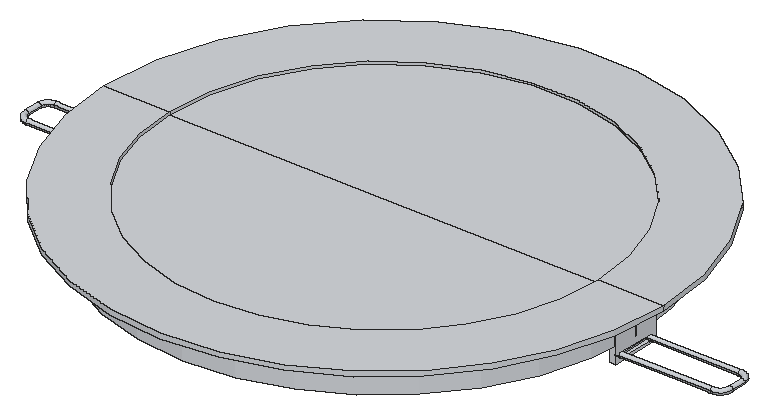
Revit family "0053955", category Lighting Fixtures, host Face, Revit 2017
Family settings
  Host = Face
  Round Connector Dimension = Use Diameter
  Part Type = Normal
  OmniClass Number = 23.80.70.00
  OmniClass Title = Lighting
  Cut with Voids When Loaded = No
  Light Source = Yes
  Shared = No
  Room Calculation Point = No
Parameters (values of type "0053955 SYLFLAT 205 IP44 1750LM 840 DIM")
  Weight = "4.57 kg"
  Wattage Comments = ""
  Wattage = 17 W
  WarrantyStartDate [instance] = "n/a"
  WarrantyGuarantorParts = "n/a"
  WarrantyDurationUnit = "n/a"
  WarrantyDurationParts = "n/a"
  WarrantyDescription = "n/a"
  built-in parameter 1150110 = 1 (stored number, unit not read)
  Voltage = 0 V
  URL = "http://www.sylvania-lighting.com"
  TypeName = "Sylflat 205 IP44 1750lm 840 DIM"
  Type Image = <None>
  Type Comments = "n/a"
  built-in parameter 1114217 = 1 (stored number, unit not read)
  Tilt Angle = -90.00°
  built-in parameter 1150109 = 1 (stored number, unit not read)
  built-in parameter 1150134 = 12
  built-in parameter 1150113 = 1 (stored number, unit not read)
  SerialNumber [instance] = "n/a"
  SIZE_203_SYL = 1
  SIZE_155_SYL = 0
  R_DIFF_SYL = if(SIZE_155_SYL = 1, 63.5 mm, if(SIZE_203_SYL = 1, 86.5 mm, 40 mm))  # 86.5 mm
  R2_SYL = if(SIZE_155_SYL = 1, 77.5 mm, if(SIZE_203_SYL = 1, 101.5 mm, 52.5 mm))  # 101.5 mm
  R1_SYL = if(SIZE_155_SYL = 1, 86 mm, if(SIZE_203_SYL = 1, 113 mm, 60 mm))  # 113 mm
  Photometric Web File = "0053955.ies"
  LUM_HEIGHT_SYL = 15 mm - CHAMF_SYL  # 14 mm
  CLIP_SYL = 10 mm
  CLIP_HOLE_SYL = 2.5 mm
  CLIP_HOLE_HE_SYL = 8.5 mm
  CLIP_D_SYL = R2_SYL - 2.5 mm  # 99 mm
  CLIP_DIST_SYL = R2_SYL - 2.5 mm  # 99 mm
  CLIP_CUTOUT_SYL = 19 mm
  CHAMF_SYL = 1 mm
  Material_3_SYL = none
  PowerFactor = 0.9
  PowerConsumption = "17 W"
  NominalLength = 226 mm
  NominalHeight = 21 mm
  NominalDepth = 226 mm
  Name = "Sylflat 205 IP44 1750lm 840 DIM"
  ModelReference = Name  # "Sylflat 205 IP44 1750lm 840 DIM"
  ModelNumber = "0053955"
  Model = Name  # "Sylflat 205 IP44 1750lm 840 DIM"
  Material = "aluminium housing, other diffuser"
  ManufacturerName = "Feilo Sylvania"
  Manufacturer = "Feilo Sylvania"
  LuminousEfficacy = "103 lm/W"
  built-in parameter 1150105 = 139.34 (stored number, unit not read)
  Lumens = 1751 lm
  LuminaireType = ""
  built-in parameter 1150115 = 1 (stored number, unit not read)
  LightOutputRatio = "n/a"
  built-in parameter 1150137 = (empty or 0)
  built-in parameter 1150139 = (empty or 0)
  LampsType = Lamp  # "LED"
  LampNominalLuminous = "1750 lm"
  LampMacAdamStep = "3"
  LampColourTemperature = "4000 K"
  LampColourRenderingIndex = "80"
  built-in parameter 1150112 = 1 (stored number, unit not read)
  built-in parameter 1150114 = 1 (stored number, unit not read)
  Lamp = "LED"
  Keynote = "16500"
  InstallationDate [instance] = "n/a"
  InputVoltage = "n/a"
  InputNominalFrequency = "n/a"
  built-in parameter 1150132 = (empty or 0)
  built-in parameter 1150102 = (empty or 0)
  built-in parameter 1150107 = 4000 (stored number, unit not read)
  built-in parameter 1150138 = (empty or 0)
  IngressProtection = "IP44/20"
  ImpactProtectionIndex = "IK06"
  built-in parameter 1150106 = 1.3934 (stored number, unit not read)
  IfcExportType = "IfcLightFixtureType"
  IfcExportAs = "IfcLightFixtureType"
  Emit from Circle Diameter = 609.6 mm
  Emit Shape Visible in Rendering = no
  ElectricShockClassification = "Class II"
  built-in parameter 1150104 = 9.569 (stored number, unit not read)
  DocumentationLiterature = "http://www.sylvania-lighting.com/product/en-int/products/0053955"
  DimmingControlOptions = "n/a"
  Material_2_SYL = none
  Dimming Lamp Color Temperature Shift = <None>
  Description = "Sylflat DIM is an integrated LED recessed downlight with separated phase dimmable driver; 17W; 1750Lm; 103Lm/W; 4000K; IP44 rated from the front; 50,000hrs (L70B50)."
  Default Elevation = 1219.2 mm
  CreatedOn = "8/6/2020"
  CreatedBy = "@sylvania-lighting.com"
  Cost = 0
  Color Filter = 16777215
  built-in parameter 1114216 [instance] = (empty or 0)
  ClassificationValue = "EF_70_80"
  ClassificationName = "Uniclass2015"
  Material_1_SYL = none
  CHAMF_2_SYL = 1 mm
  BarCode [instance] = "n/a"
  built-in parameter 1114218 = 1 (stored number, unit not read)
  built-in parameter 1150133 = 10 (stored number, unit not read)
  AssetType = "Fixed"
  AssetIdentifier [instance] = "n/a"
  Assembly Code = "D5020200"
  Apparent Load = 17 VA
  Material_4_SYL = none
Types (17, lengths in mm): name | Weight | Wattage | TypeName | built-in parameter 1150134 | SIZE_203_SYL | SIZE_155_SYL | R_DIFF_SYL | R2_SYL | R1_SYL | Photometric Web File | CLIP_D_SYL | CLIP_DIST_SYL | PowerFactor | PowerConsumption | NominalLength | NominalHeight | NominalDepth | Name | ModelReference | ModelNumber | Model | Material | LuminousEfficacy | built-in parameter 1150105 | Lumens | LampNominalLuminous | LampMacAdamStep | LampColourTemperature | built-in parameter 1150107 | built-in parameter 1150106 | built-in parameter 1150104 | DocumentationLiterature | Description | Apparent Load
  0053988 SYLFLAT 105 IP44 550LM 830 DIM | "3.555 kg" | 7 W | "Sylflat 105 IP44 550lm 830 DIM" | (empty or 0) | 0 | 1 | 63.5 | 77.5 | 86 | "0053988.ies" | 75 | 75 | 0 | "7 W" | 0 | 0 | 0 | "Sylflat 105 IP44 550lm 830 DIM" | "Sylflat 105 IP44 550lm 830 DIM" | "53988" | "Sylflat 105 IP44 550lm 830 DIM" | "n/a" | "78.57 lm/W" | 43.768 (stored number, unit not read) | 550 lm | "550 lm" | "3" | "3000 K" | 3000 (stored number, unit not read) | 0.43768 (stored number, unit not read) | 7.2995 (stored number, unit not read) | "http://www.sylvania-lighting.com/product/en-int/products/0053988" | "Sylflat DIM is an integrated LED recessed downlight with separated phase dimmable driver; 7W; 550Lm; 79Lm/W; 3000K; IP44 rated from the front; 50,000hrs (L70B50)." | 7 VA
  0053957 SYLFLAT 205 IP44 2250LM 840 DIM | "4.57 kg" | 24 W | "Sylflat 205 IP44 2250lm 840 DIM" | 12 | 1 | 0 | 86.5 | 101.5 | 113 | "0053957.ies" | 99 | 99 | 0.9 | "24 W" | 226 | 21 | 226 | "Sylflat 205 IP44 2250lm 840 DIM" | "Sylflat 205 IP44 2250lm 840 DIM" | "53957" | "Sylflat 205 IP44 2250lm 840 DIM" | "n/a" | "103 lm/W" | 196.72 (stored number, unit not read) | 2472 lm | "2250 lm" | "3" | "4000 K" | 4000 (stored number, unit not read) | 1.9672 (stored number, unit not read) | 9.569 (stored number, unit not read) | "http://www.sylvania-lighting.com/product/en-int/products/0053957" | "Sylflat DIM is an integrated LED recessed downlight with separated phase dimmable driver; 24W; 2250Lm; 103Lm/W; 4000K; IP44 rated from the front; 50,000hrs (L70B50)." | 24 VA
  0053956 SYLFLAT 205 IP44 2200LM 830 DIM | "4.57 kg" | 24 W | "Sylflat 205 IP44 2200lm 830 DIM" | (empty or 0) | 1 | 0 | 86.5 | 101.5 | 113 | "0053956.ies" | 99 | 99 | 0.9 | "24 W" | 226 | 21 | 226 | "Sylflat 205 IP44 2200lm 830 DIM" | "Sylflat 205 IP44 2200lm 830 DIM" | "53956" | "Sylflat 205 IP44 2200lm 830 DIM" | "n/a" | "100 lm/W" | 190.99 (stored number, unit not read) | 2400 lm | "2200 lm" | "3" | "3000 K" | 3000 (stored number, unit not read) | 1.9099 (stored number, unit not read) | 9.2903 (stored number, unit not read) | "http://www.sylvania-lighting.com/product/en-int/products/0053956" | "Sylflat DIM is an integrated LED recessed downlight with separated phase dimmable driver; 24W; 2200Lm; 100Lm/W; 3000K; IP44 rated from the front; 50,000hrs (L70B50)." | 24 VA
  0053955 SYLFLAT 205 IP44 1750LM 840 DIM | "4.57 kg" | 17 W | "Sylflat 205 IP44 1750lm 840 DIM" | 12 | 1 | 0 | 86.5 | 101.5 | 113 | "0053955.ies" | 99 | 99 | 0.9 | "17 W" | 226 | 21 | 226 | "Sylflat 205 IP44 1750lm 840 DIM" | "Sylflat 205 IP44 1750lm 840 DIM" | "0053955" | "Sylflat 205 IP44 1750lm 840 DIM" | "aluminium housing, other diffuser" | "103 lm/W" | 139.34 (stored number, unit not read) | 1751 lm | "1750 lm" | "3" | "4000 K" | 4000 (stored number, unit not read) | 1.3934 (stored number, unit not read) | 9.569 (stored number, unit not read) | "http://www.sylvania-lighting.com/product/en-int/products/0053955" | "Sylflat DIM is an integrated LED recessed downlight with separated phase dimmable driver; 17W; 1750Lm; 103Lm/W; 4000K; IP44 rated from the front; 50,000hrs (L70B50)." | 17 VA
  0053954 SYLFLAT 205 IP44 1550LM 830 DIM | "4.57 kg" | 17 W | "Sylflat 205 IP44 1550lm 830 DIM" | (empty or 0) | 1 | 0 | 86.5 | 101.5 | 113 | "0053954.ies" | 99 | 99 | 0.9 | "17 W" | 226 | 21 | 226 | "Sylflat 205 IP44 1550lm 830 DIM" | "Sylflat 205 IP44 1550lm 830 DIM" | "53954" | "Sylflat 205 IP44 1550lm 830 DIM" | "aluminium housing, other diffuser" | "91 lm/W" | 123.11 (stored number, unit not read) | 1547 lm | "1550 lm" | "3" | "3000 K" | 3000 (stored number, unit not read) | 1.2311 (stored number, unit not read) | 8.4542 (stored number, unit not read) | "http://www.sylvania-lighting.com/product/en-int/products/0053954" | "Sylflat DIM is an integrated LED recessed downlight with separated phase dimmable driver; 17W; 1550Lm; 91Lm/W; 3000K; IP44 rated from the front; 50,000hrs (L70B50)." | 17 VA
  0053953 SYLFLAT 155 IP44 1100LM 840 DIM | "3.27 kg" | 12 W | "Sylflat 155 IP44 1100lm 840 DIM" | 12 | 0 | 1 | 63.5 | 77.5 | 86 | "0053953.ies" | 75 | 75 | 0.9 | "12 W" | 172 | 21 | 172 | "Sylflat 155 IP44 1100lm 840 DIM" | "Sylflat 155 IP44 1100lm 840 DIM" | "53953" | "Sylflat 155 IP44 1100lm 840 DIM" | "aluminium housing, other diffuser" | "92 lm/W" | 87.854 (stored number, unit not read) | 1104 lm | "1100 lm" | "3" | "4000 K" | 4000 (stored number, unit not read) | 0.87854 (stored number, unit not read) | 8.5471 (stored number, unit not read) | "http://www.sylvania-lighting.com/product/en-int/products/0053953" | "Sylflat DIM is an integrated LED recessed downlight with separated phase dimmable driver; 12W; 1100Lm; 92Lm/W; 4000K; IP44 rated from the front; 50,000hrs (L70B50)." | 12 VA
  0053952 SYLFLAT 155 IP44 1000LM 830 DIM | "3.27 kg" | 12 W | "Sylflat 155 IP44 1000lm 830 DIM" | (empty or 0) | 0 | 1 | 63.5 | 77.5 | 86 | "0053952.ies" | 75 | 75 | 0.9 | "12 W" | 172 | 21 | 172 | "Sylflat 155 IP44 1000lm 830 DIM" | "Sylflat 155 IP44 1000lm 830 DIM" | "53952" | "Sylflat 155 IP44 1000lm 830 DIM" | "aluminium housing, other diffuser" | "83 lm/W" | 79.259 (stored number, unit not read) | 996 lm | "1000 lm" | "3" | "3000 K" | 3000 (stored number, unit not read) | 0.79259 (stored number, unit not read) | 7.711 (stored number, unit not read) | "http://www.sylvania-lighting.com/product/en-int/products/0053952" | "Sylflat DIM is an integrated LED recessed downlight with separated phase dimmable driver; 12W; 1000Lm; 83Lm/W; 3000K; IP44 rated from the front; 50,000hrs (L70B50)." | 12 VA
  0053951 ST E DOWNLIGHT FLT 205 IP44 2200 865 DIM | "4.57 kg" | 24 W | "START eco Downlight Flat 205 IP44 2200lm 865 DIM" | 1 | 1 | 0 | 86.5 | 101.5 | 113 | "0053951.ies" | 99 | 99 | 0.9 | "24 W" | 226 | 21 | 226 | "START eco Downlight Flat 205 IP44 2200lm 865 DIM" | "START eco Downlight Flat 205 IP44 2200lm 865 DIM" | "53951" | "START eco Downlight Flat 205 IP44 2200lm 865 DIM" | "n/a" | "92 lm/W" | 175.71 (stored number, unit not read) | 2208 lm | "2200 lm" | "5" | "6500 K" | 6500 (stored number, unit not read) | 1.7571 (stored number, unit not read) | 8.5471 (stored number, unit not read) | "http://www.sylvania-lighting.com/product/en-int/products/0053951" | "START eco Downlight Flat IP44 DIM is an integrated LED recessed downlight with separated phase dimmable driver; 24W; 2200Lm; 92Lm/W; 6500K; IP44 rated from the front; 30,000hrs (L70B50)." | 24 VA
  0053950 ST E DOWNLIGHT FLT 205 IP44 1700 865 DIM | "4.57 kg" | 17 W | "START eco Downlight Flat 205 IP44 1700lm 865 DIM" | 1 | 1 | 0 | 86.5 | 101.5 | 113 | "0053950.ies" | 99 | 99 | 0.9 | "17 W" | 226 | 21 | 226 | "START eco Downlight Flat 205 IP44 1700lm 865 DIM" | "START eco Downlight Flat 205 IP44 1700lm 865 DIM" | "53950" | "START eco Downlight Flat 205 IP44 1700lm 865 DIM" | "aluminium housing, other diffuser" | "100 lm/W" | 135.28 (stored number, unit not read) | 1700 lm | "1700 lm" | "5" | "6500 K" | 6500 (stored number, unit not read) | 1.3528 (stored number, unit not read) | 9.2903 (stored number, unit not read) | "http://www.sylvania-lighting.com/product/en-int/products/0053950" | "START eco Downlight Flat IP44 DIM is an integrated LED recessed downlight with separated phase dimmable driver; 17W; 1700Lm; 100Lm/W; 6500K; IP44 rated from the front; 30,000hrs (L70B50)." | 17 VA
  0053949 ST E DOWNLIGHT FLT 155 IP44 1100 865 DIM | "3.27 kg" | 12 W | "START eco Downlight Flat 155 IP44 1100lm 865 DIM" | 1 | 0 | 1 | 63.5 | 77.5 | 86 | "0053949.ies" | 75 | 75 | 0.9 | "12 W" | 172 | 21 | 172 | "START eco Downlight Flat 155 IP44 1100lm 865 DIM" | "START eco Downlight Flat 155 IP44 1100lm 865 DIM" | "53949" | "START eco Downlight Flat 155 IP44 1100lm 865 DIM" | "aluminium housing, other diffuser" | "92 lm/W" | 87.854 (stored number, unit not read) | 1104 lm | "1100 lm" | "5" | "6500 K" | 6500 (stored number, unit not read) | 0.87854 (stored number, unit not read) | 8.5471 (stored number, unit not read) | "http://www.sylvania-lighting.com/product/en-int/products/0053949" | "START eco Downlight Flat IP44 DIM is an integrated LED recessed downlight with separated phase dimmable driver; 12W; 1100Lm; 92Lm/W; 6500K; IP44 rated from the front; 30,000hrs (L70B50)." | 12 VA
  0053944 ST E DOWNLIGHT FLT 205 IP44 2250 840 DIM | "4.57 kg" | 24 W | "START eco Downlight Flat 205 IP44 2250lm 840 DIM" | 12 | 1 | 0 | 86.5 | 101.5 | 113 | "0053944.ies" | 99 | 99 | 0.9 | "24 W" | 226 | 21 | 226 | "START eco Downlight Flat 205 IP44 2250lm 840 DIM" | "START eco Downlight Flat 205 IP44 2250lm 840 DIM" | "53944" | "START eco Downlight Flat 205 IP44 2250lm 840 DIM" | "n/a" | "94 lm/W" | 179.53 (stored number, unit not read) | 2256 lm | "2250 lm" | "5" | "4000 K" | 4000 (stored number, unit not read) | 1.7953 (stored number, unit not read) | 8.7329 (stored number, unit not read) | "http://www.sylvania-lighting.com/product/en-int/products/0053944" | "START eco Downlight Flat IP44 DIM is an integrated LED recessed downlight with separated phase dimmable driver; 24W; 2250Lm; 94Lm/W; 4000K; IP44 rated from the front; 30,000hrs (L70B50)." | 24 VA
  0053942 ST E DOWNLIGHT FLT 205 IP44 1750 840 DIM | "4.57 kg" | 17 W | "START eco Downlight Flat 205 IP44 1750lm 840 DIM" | 12 | 1 | 0 | 86.5 | 101.5 | 113 | "0053942.ies" | 99 | 99 | 0.9 | "17 W" | 226 | 21 | 226 | "START eco Downlight Flat 205 IP44 1750lm 840 DIM" | "START eco Downlight Flat 205 IP44 1750lm 840 DIM" | "53942" | "START eco Downlight Flat 205 IP44 1750lm 840 DIM" | "aluminium housing, other diffuser" | "103 lm/W" | 139.34 (stored number, unit not read) | 1751 lm | "1750 lm" | "5" | "4000 K" | 4000 (stored number, unit not read) | 1.3934 (stored number, unit not read) | 9.569 (stored number, unit not read) | "http://www.sylvania-lighting.com/product/en-int/products/0053942" | "START eco Downlight Flat IP44 DIM is an integrated LED recessed downlight with separated phase dimmable driver; 17W; 1750Lm; 103Lm/W; 4000K; IP44 rated from the front; 30,000hrs (L70B50)." | 17 VA
  0053941 ST E DOWNLIGHT FLT 155 IP44 1100 840 DIM | "3.27 kg" | 12 W | "START eco Downlight Flat 155 IP44 1100lm 840 DIM" | 12 | 0 | 1 | 63.5 | 77.5 | 86 | "0053941.ies" | 75 | 75 | 0.9 | "12 W" | 172 | 21 | 172 | "START eco Downlight Flat 155 IP44 1100lm 840 DIM" | "START eco Downlight Flat 155 IP44 1100lm 840 DIM" | "53941" | "START eco Downlight Flat 155 IP44 1100lm 840 DIM" | "aluminium housing, other diffuser" | "92 lm/W" | 87.854 (stored number, unit not read) | 1104 lm | "1100 lm" | "5" | "4000 K" | 4000 (stored number, unit not read) | 0.87854 (stored number, unit not read) | 8.5471 (stored number, unit not read) | "http://www.sylvania-lighting.com/product/en-int/products/0053941" | "START eco Downlight Flat IP44 DIM is an integrated LED recessed downlight with separated phase dimmable driver; 12W; 1100Lm; 92Lm/W; 4000K; IP44 rated from the front; 30,000hrs (L70B50)." | 12 VA
  0053940 ST E DOWNLIGHT FLT 205 IP44 2200 830 DIM | "4.57 kg" | 24 W | "START eco Downlight Flat 205 IP44 2200lm 830 DIM" | (empty or 0) | 1 | 0 | 86.5 | 101.5 | 113 | "0053940.ies" | 99 | 99 | 0.9 | "24 W" | 226 | 21 | 226 | "START eco Downlight Flat 205 IP44 2200lm 830 DIM" | "START eco Downlight Flat 205 IP44 2200lm 830 DIM" | "53940" | "START eco Downlight Flat 205 IP44 2200lm 830 DIM" | "n/a" | "92 lm/W" | 175.71 (stored number, unit not read) | 2208 lm | "2200 lm" | "5" | "3000 K" | 3000 (stored number, unit not read) | 1.7571 (stored number, unit not read) | 8.5471 (stored number, unit not read) | "http://www.sylvania-lighting.com/product/en-int/products/0053940" | "START eco Downlight Flat IP44 DIM is an integrated LED recessed downlight with separated phase dimmable driver; 24W; 2200Lm; 92Lm/W; 3000K; IP44 rated from the front; 30,000hrs (L70B50)." | 24 VA
  0053938 ST E DOWNLIGHT FLT 205 IP44 1550 830 DIM | "4.57 kg" | 17 W | "START eco Downlight Flat 205 IP44 1550lm 830 DIM" | (empty or 0) | 1 | 0 | 86.5 | 101.5 | 113 | "0053938.ies" | 99 | 99 | 0.9 | "17 W" | 226 | 21 | 226 | "START eco Downlight Flat 205 IP44 1550lm 830 DIM" | "START eco Downlight Flat 205 IP44 1550lm 830 DIM" | "53938" | "START eco Downlight Flat 205 IP44 1550lm 830 DIM" | "aluminium housing, other diffuser" | "91 lm/W" | 123.11 (stored number, unit not read) | 1547 lm | "1550 lm" | "5" | "3000 K" | 3000 (stored number, unit not read) | 1.2311 (stored number, unit not read) | 8.4542 (stored number, unit not read) | "http://www.sylvania-lighting.com/product/en-int/products/0053938" | "START eco Downlight Flat IP44 DIM is an integrated LED recessed downlight with separated phase dimmable driver; 17W; 1550Lm; 91Lm/W; 3000K; IP44 rated from the front; 30,000hrs (L70B50)." | 17 VA
  0053937 ST E DOWNLIGHT FLT 155 IP44 1000 830 DIM | "3.27 kg" | 12 W | "START eco Downlight Flat 155 IP44 1000lm 830 DIM" | (empty or 0) | 0 | 1 | 63.5 | 77.5 | 86 | "0053937.ies" | 75 | 75 | 0.9 | "12 W" | 172 | 21 | 172 | "START eco Downlight Flat 155 IP44 1000lm 830 DIM" | "START eco Downlight Flat 155 IP44 1000lm 830 DIM" | "53937" | "START eco Downlight Flat 155 IP44 1000lm 830 DIM" | "aluminium housing, other diffuser" | "83 lm/W" | 79.259 (stored number, unit not read) | 996 lm | "1000 lm" | "5" | "3000 K" | 3000 (stored number, unit not read) | 0.79259 (stored number, unit not read) | 7.711 (stored number, unit not read) | "http://www.sylvania-lighting.com/product/en-int/products/0053937" | "START eco Downlight Flat IP44 DIM is an integrated LED recessed downlight with separated phase dimmable driver; 12W; 1000Lm; 83Lm/W; 3000K; IP44 rated from the front; 30,000hrs (L70B50)." | 12 VA
  0053989 SYLFLAT 105 IP44 600LM 840 DIM | "3.555 kg" | 7 W | "Sylflat 105 IP44 600lm 840 DIM" | 12 | 0 | 1 | 63.5 | 77.5 | 86 | "0053989.ies" | 75 | 75 | 0 | "7 W" | 0 | 0 | 0 | "Sylflat 105 IP44 600lm 840 DIM" | "Sylflat 105 IP44 600lm 840 DIM" | "53989" | "Sylflat 105 IP44 600lm 840 DIM" | "n/a" | "85.71 lm/W" | 47.746 (stored number, unit not read) | 600 lm | "600 lm" | "3" | "4000 K" | 4000 (stored number, unit not read) | 0.47746 (stored number, unit not read) | 7.9631 (stored number, unit not read) | "http://www.sylvania-lighting.com/product/en-int/products/0053989" | "Sylflat DIM is an integrated LED recessed downlight with separated phase dimmable driver; 7W; 600Lm; 86Lm/W; 4000K; IP44 rated from the front; 50,000hrs (L70B50)." | 7 VA
Reference planes
  plane 1 "Center (Front/Back)": y = 0
  plane 2: z = 0
  plane 3 "Center (Left/Right)": x = 0
  plane 4: z = 1
  plane 5: z = -1
  plane 6: z = -14
  plane 7: x = 113
  plane 8: x = 86.5
  plane 9: x = 101.5
  plane 10: x = 0
  plane 11: x = -96
  plane 12: x = -101.5
  plane 13: y = 10
  plane 14: y = -10
  plane 15: x = 99
  plane 16: z = -19
  plane 17: z = -16.5
  plane 18: y = -8.5
  plane 19: y = 8.5
  plane 20: x = -99
Forms (mm)
  Revolve 1, solid
    sketch origin (0, 0, 0) x (1, 0, 0) y (0, 0, 1)
      loop
        line (0, 0) -> (0, -14) -> (101.5, -14) -> (101.5, -1) -> (113, -1) -> (113, 1) -> (86.5, 1) -> (86.5, 0) -> (0, 0)
      axis (0, 1) -> (0, -14)
    angle from 360 to 0
  Extrusion 2, solid
    sketch origin (0, 0, 0) x (1, 0, 0) y (0, 1, 0)
      loop
        line (99, 10) -> (99, -10) -> (101.5, -10) -> (101.5, 10) -> (99, 10)
      loop
        line (-99, 10) -> (-101.5, 10) -> (-101.5, -10) -> (-99, -10) -> (-99, 10)
    from -20 to -1
  Extrusion 3, void
    sketch origin (319, 1524, 1219.2) x (0, 1, 0) y (0, 0, 1)
      loop
        line (-1515.5, -1238.2) -> (-1515.5, -1235.7) -> (-1532.5, -1235.7) -> (-1532.5, -1238.2) -> (-1515.5, -1238.2)
    from -440.059 to 10
  Sweep 4, solid
    path origin (-31.995, -2.046, -2.165) x (1, 0, 0) y (0, 1, 0)
      loop
        arc (-106, 9.306) -> (-108.828, 8.135) -> (-110, 5.306) r 4
        line (-110, 5.306) -> (-110, -0.922)
        arc (-110, -0.922) -> (-108.828, -3.75) -> (-106, -4.922) r 4
        line (-106, -4.922) -> (-68, -4.922) -> (-68, 9.306) -> (-106, 9.306)
    profile origin (-118.995, 7.26, -2.165) x (0, 1, 0) y (0, 0, 1)
      loop
        circle (0, -15.572) r 0.967
  Sweep 5, solid
    path origin (31.995, -2.046, -2.165) x (-1, 0, 0) y (0, -1, 0)
      loop
        line (-106, -9.306) -> (-68, -9.306) -> (-68, 4.922) -> (-106, 4.922)
        arc (-106, 4.922) -> (-108.828, 3.75) -> (-110, 0.922) r 4
        line (-110, 0.922) -> (-110, -5.306)
        arc (-110, -5.306) -> (-108.828, -8.135) -> (-106, -9.306) r 4
    profile origin (118.995, 7.26, -2.165) x (0, -1, 0) y (0, 0, 1)
      loop
        circle (0, -15.572) r 0.967
Cuts and joins
  Extrusion 3 cuts Extrusion 2
Dimensions and locks
  "LUM_HEIGHT_SYL": host face to plane 6
  "CHAMF_2_SYL": host face to plane 5
  "CHAMF_SYL": plane 4 to host face
  "R_DIFF_SYL": plane 8 to plane 3 "Center (Left/Right)"
  "R2_SYL": plane 3 "Center (Left/Right)" to plane 9
  "R1_SYL": plane 7 to plane 3 "Center (Left/Right)"
  "CLIP_SYL": plane 14 to plane 1 "Center (Front/Back)" to plane 13
  "CLIP_D_SYL": plane 10 to plane 15
  "R2_SYL": plane 10 to plane 9
  "CLIP_CUTOUT_SYL": host face to plane 16
  "CLIP_HOLE_SYL": plane 17 to plane 16
  "CLIP_HOLE_HE_SYL": plane 19 to plane 1 "Center (Front/Back)" to plane 18
  "R2_SYL": plane 12 to plane 10
  "CLIP_D_SYL": plane 20 to plane 3 "Center (Left/Right)"
  aligned and locked: plane 2 to host face
  aligned and locked: level to host face
  aligned and locked: Revolve 1 sketch curve to plane 3 "Center (Left/Right)"
  aligned and locked: plane 13 to Extrusion 2 sketch curve
  aligned and locked: Extrusion 2 sketch curve to plane 15
  aligned and locked: Extrusion 2 sketch curve to plane 14
  aligned and locked: plane 9 to Extrusion 2 sketch curve
  aligned and locked: Extrusion 3 sketch curve to plane 16
  aligned and locked: plane 19 to Extrusion 3 sketch curve
  aligned and locked: Extrusion 3 sketch curve to plane 17
  aligned and locked: Extrusion 3 sketch curve to plane 18
  aligned and locked: Extrusion 2 sketch curve to plane 13
  aligned and locked: Extrusion 2 sketch curve to plane 20
  aligned and locked: plane 14 to Extrusion 2 sketch curve
  aligned and locked: plane 12 to Extrusion 2 sketch curve
Automatic sketch dimensions
  host sketch curve to host sketch curve = 2438.4 mm  (x2)
  Revolve 1 sketch curve to level = 0 mm
  Revolve 1 sketch curve to plane 3 "Center (Left/Right)" = 0 mm
  plane 8 to Revolve 1 sketch curve = 0 mm
  Revolve 1 sketch curve to plane 6 = 0 mm
  plane 9 to Revolve 1 sketch curve = 0 mm
  Revolve 1 sketch curve to plane 5 = 0 mm
  plane 7 to Revolve 1 sketch curve = 0 mm
  Revolve 1 sketch curve to plane 4 = 0 mm
  Revolve 1 sketch curve to plane 16 = 584.6 mm
  Revolve 1 sketch curve to plane 4 = 2608.058 mm
  plane 1 "Center (Front/Back)" to Sweep 4 sketch curve = 2.968 mm
  plane 12 to Sweep 4 sketch curve = 40.495 mm
  Sweep 4 sketch curve to plane 18 = 1.532 mm
  Sweep 4 sketch curve to Sweep 4 sketch curve = 4 mm
  plane 20 to Sweep 4 sketch curve = 0.995 mm
  Sweep 4 sketch curve to plane 1 "Center (Front/Back)" = 3.26 mm
  Sweep 4 sketch curve to profile plane = 0 mm
  Sweep 4 sketch curve to profile plane = 15.572 mm
  plane 1 "Center (Front/Back)" to Sweep 5 sketch curve = 2.968 mm
  Sweep 5 sketch curve to plane 7 = 28.995 mm
  Sweep 5 sketch curve to plane 18 = 1.532 mm
  Sweep 5 sketch curve to Sweep 5 sketch curve = 4 mm
  Sweep 5 sketch curve to plane 15 = 0.995 mm
  Sweep 5 sketch curve to plane 1 "Center (Front/Back)" = 3.26 mm
  Sweep 5 sketch curve to profile plane = 0 mm
  Sweep 5 sketch curve to profile plane = 15.572 mm
  radius of Sweep 4 sketch curve = 0.967 mm
  radius of Sweep 5 sketch curve = 0.967 mm
